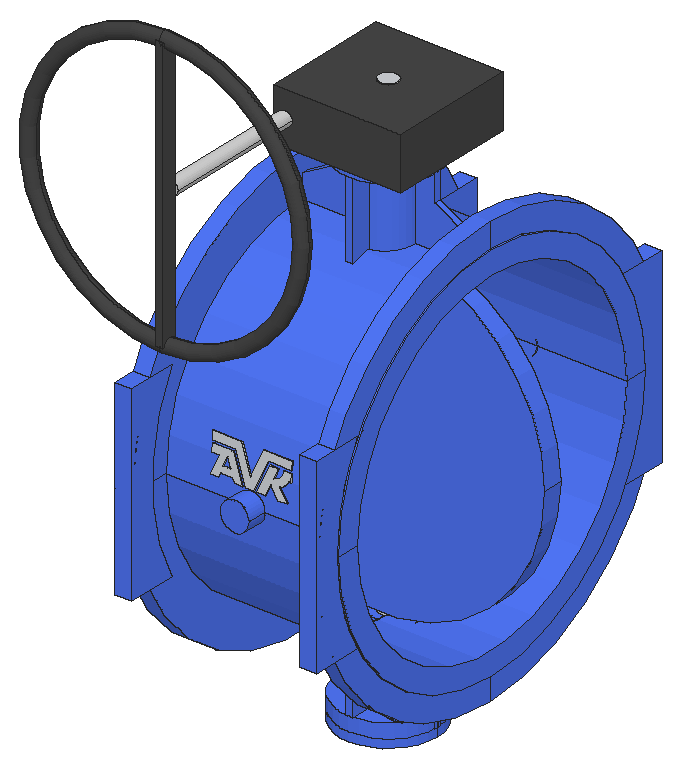
Revit family "756-100-671-DN700-2800", category Pipe Accessories, Revit 2019
Family settings
  Round Connector Dimension = Use Diameter
  Part Type = Valve - Breaks Into
  Work Plane-Based = No
  Always vertical = Yes
  Cut with Voids When Loaded = No
  Shared = No
Parameters (values of type "DN0700_PN10")
  W5 = size_lookup(Search_table, "W5", 0 mm, DN)  # 457 mm
  W4 = size_lookup(Search_table, "W4", 0 mm, DN)  # 543 mm
  W3 = size_lookup(Search_table, "W3", 0 mm, DN)  # 533 mm
  W2 = size_lookup(Search_table, "W2", 0 mm, DN)  # 641 mm
  W1 = size_lookup(Search_table, "W1", 0 mm, DN)  # 448 mm
  URL_product_pages = "https://www.avkvalves.com/P.aspx?no=7560700104"
  Rib_width_2 = Gear_box_Mount_Flange_width * 2  # 204 mm
  Rib_width = L - (Flange_Thickness * 2)  # 350 mm
  Rib_height_2 = H1 - Flange_OD  # 84.5 mm
  Rib_depth = if(DN > 149 mm, 15 mm, if(DN > 299 mm, 15 mm, if(DN > 399 mm, 20 mm, 20 mm)))  # 15 mm
  Rib_height = Flange_OD / 1.1  # 406.818 mm
  Rf_Dia = size_lookup(Search_table, "RF_Dia", 0 mm, DN) / 2  # 397 mm
  RF_Cut_Thickness = 5 mm  # constant formula
  Pin_width = L / 2  # 215 mm
  Pin_dia = HW_rod_Dia * 2  # 60 mm
  Pin_Depth = (DN + size_lookup(Search_table, "Flange_OD", 0 mm, DN)) / 2  # 797.5 mm
  Offset = size_lookup(Search_table, "Offset", 0 mm, DN)  # 3 mm
  L2 = size_lookup(Search_table, "L2", 0 mm, DN)  # 133 mm
  L1 = size_lookup(Search_table, "L1", 0 mm, DN)  # 127 mm
  L = size_lookup(Search_table, "L", 0 mm, DN)  # 430 mm
  ID (Radius) = DN / 2  # 350 mm
  Hand_wheel_rod = size_lookup(Search_table, "Hand_wheel_rod", 0 mm, DN)  # 33 mm
  HW_rod_Dia = size_lookup(Search_table, "HW_rod_Dia", 0 mm, DN)  # 30 mm
  HW_height = W5 - (HW_rod_Dia / 2)  # 442 mm
  HW_Ref = size_lookup(Search_table, "HW_Ref", 0 mm, DN)  # 110 mm
  HW_Connecting_Rib_ref = (H1 + W2) / 2  # 586.5 mm
  HW_Connecting_Rib = D * 2  # 570 mm
  H2 = size_lookup(Search_table, "H2", 0 mm, DN)  # 550 mm
  H1 = size_lookup(Search_table, "H1", 0 mm, DN)  # 532 mm
  Gear_box_width = Gear_box_Mount_Flange_width * 1.3  # 132.6 mm
  Flange_Thickness = size_lookup(Search_table, "Flange_Thickness", 0 mm, DN)  # 40 mm
  Flange_OD = size_lookup(Search_table, "Flange_OD", 0 mm, DN) / 2  # 447.5 mm
  Disc_width = if(DN > 2499 mm, 100 mm, if(DN > 2299 mm, 90 mm, if(DN > 1999 mm, 80 mm, if(DN > 1599 mm, 70 mm, if(DN > 1399 mm, 60 mm, if(DN > 999 mm, 50 mm, if(DN > 699 mm, 40 mm, 40 mm)))))))  # 40 mm
  Disc_Dia = size_lookup(Search_table, "Disc_Dia", 0 mm, DN)  # 690 mm
  DN2800_PN10 = "756-2800-1-04000"
  DN2800 = yes
  DN2600_PN16 = "756-2600-1-14000"
  DN2600_PN10 = "756-2600-1-04000"
  DN2600 = yes
  DN2400_PN16 = "756-2400-1-14"
  DN2400_PN10 = "756-2400-1-04"
  DN2400 = yes
  DN2200_PN16 = "756-2200-1-14"
  DN2200_PN10 = "756-2200-1-04"
  DN2200 = yes
  DN2000_PN16 = "756-2000-1-14"
  DN2000_PN10 = "756-2000-1-04"
  DN2000 = yes
  DN0700_PN16 = "756-0700-1-14"
  DN = 700 mm
  Search_table = "756-100-671-DN700-2800"
  Disk_2 = size_lookup(Search_table, "Disk_2", 0 mm, DN)  # 40 mm
  Disk_1 = size_lookup(Search_table, "Disk_1", 0 mm, DN)  # 40 mm
  Description_ = "AVK DOUBLE ECC. BUTTERFLY VALVE, LONG"
  DN1600_PN16 = "756-1600-1-14"
  DN1600_PN10 = "756-1600-1-04"
  DN1800 = yes
  DN1800_PN16 = "756-1800-1-14"
  DN1800_PN10 = "756-1800-1-04"
  DN1600 = yes
  DN1500_PN16 = "756-1500-1-14"
  DN1500_PN10 = "756-1500-1-04"
  DN1500 = yes
  DN1400_PN16 = "756-1400-1-14"
  DN1400_PN10 = "756-1400-1-04"
  DN1400 = yes
  DN1200_PN16 = "756-1200-1-14"
  DN1200_PN10 = "756-1200-1-04"
  DN1200 = yes
  DN1000_PN16 = "756-1000-1-14"
  DN1000_PN10 = "756-1000-1-04"
  DN1000 = yes
  DN0900_PN16 = "756-0900-1-14"
  DN0900_PN10 = "756-0900-1-04"
  DN900 = yes
  DN0800_PN16 = "756-0800-1-14"
  DN0800_PN10 = "756-0800-1-04"
  DN800 = yes
  DN0700_PN10 = "756-0700-1-04"
  DN700 = yes
  D = size_lookup(Search_table, "D", 0 mm, DN) / 2 - (HW_rod_Dia / 2)  # 285 mm
  C_rod = if(DN > 2499 mm, 99 mm, if(DN > 2299 mm, 89 mm, if(DN > 1999 mm, 79 mm, if(DN > 1599 mm, 69 mm, if(DN > 1399 mm, 59 mm, if(DN > 999 mm, 49 mm, if(DN > 699 mm, 39 mm, 39 mm)))))))  # 39 mm
  Bottom_width = size_lookup(Search_table, "Bottom_width", 0 mm, DN)  # 395 mm
  Bottom_Depth = DN * 1.5  # 1050 mm
  Gear_box_Mount_width = size_lookup(Search_table, "Gear_box_Mount_width", 0 mm, DN) * 2  # 62 mm
  Gear_box_Mount_Flange_width = size_lookup(Search_table, "Gear_box_Mount_Flange_width", 0 mm, DN) / 2  # 102 mm
  Gear_box_Mount_Flange_thickness = size_lookup(Search_table, "Gear_box_Mount_Flange_thickness", 0 mm, DN)  # 30 mm
  Body_wallthickness = 10 mm  # constant formula
Types (28, lengths in mm): name | W5 | W4 | W3 | W2 | W1 | Rib_width_2 | Rib_width | Rib_height_2 | Rib_height | Rf_Dia | Pin_width | Pin_Depth | L2 | L1 | L | ID (Radius) | Hand_wheel_rod | HW_height | HW_Ref | HW_Connecting_Rib_ref | HW_Connecting_Rib | H2 | H1 | Gear_box_width | Flange_Thickness | Flange_OD | Disc_width | Disc_Dia | DN2800_PN10 | DN | Disk_2 | Disk_1 | D | C_rod | Bottom_width | Bottom_Depth | Gear_box_Mount_width | Gear_box_Mount_Flange_width | Gear_box_Mount_Flange_thickness
  (no name) | 457 | 543 | 533 | 641 | 448 | 204 | 350 | 84.5 | 406.818 | 397 | 215 | 797.5 | 133 | 127 | 430 | 350 | 33 | 442 | 110 | 586.5 | 570 | 550 | 532 | 132.6 | 40 | 447.5 | 40 | 690 | "756-2800-1-04000" | 700 | 40 | 40 | 285 | 39 | 395 | 1050 | 62 | 102 | 30
  DN0700_PN10 | 457 | 543 | 533 | 641 | 448 | 204 | 350 | 84.5 | 406.818 | 397 | 215 | 797.5 | 133 | 127 | 430 | 350 | 33 | 442 | 110 | 586.5 | 570 | 550 | 532 | 132.6 | 40 | 447.5 | 40 | 690 | "756-2800-1-04000" | 700 | 40 | 40 | 285 | 39 | 395 | 1050 | 62 | 102 | 30
  DN0700_PN16 | 517 | 543 | 533 | 641 | 455 | 214 | 350 | 77 | 413.636 | 397 | 215 | 805.05 | 133 | 127 | 430 | 350.05 | 34.5 | 502 | 110 | 586.5 | 670 | 550 | 532 | 139.1 | 40 | 455 | 40 | 690 | "756-2800-1-04000" | 700.1 | 40 | 40 | 335 | 39 | 427 | 1050.15 | 66 | 107 | 30
  DN0800_PN10 | 457 | 636 | 627 | 711 | 508 | 223 | 390 | 95.5 | 461.364 | 450 | 235 | 907.5 | 162 | 156 | 470 | 400 | 36 | 442 | 125 | 657 | 570 | 620 | 603 | 144.95 | 40 | 507.5 | 40 | 788.5 | "756-2800-1-04000" | 800 | 40 | 40 | 285 | 39 | 460 | 1200 | 68 | 111.5 | 40
  DN0800_PN16 | 517 | 636 | 627 | 711 | 513 | 232 | 390 | 90.5 | 465.909 | 450 | 235 | 912.55 | 162 | 156 | 470 | 400.05 | 37.5 | 502 | 125 | 657 | 670 | 620 | 603 | 150.8 | 40 | 512.5 | 40 | 788.5 | "756-2800-1-04000" | 800.1 | 40 | 40 | 335 | 39 | 492 | 1200.15 | 72 | 116 | 40
  DN0900_PN10 | 517 | 730 | 722 | 791 | 558 | 241 | 430 | 116.5 | 506.818 | 500 | 255 | 1007.5 | 192 | 186 | 510 | 450 | 39 | 502 | 128 | 732.5 | 670 | 690 | 674 | 156.65 | 40 | 557.5 | 40 | 887.5 | "756-2800-1-04000" | 900 | 40 | 40 | 335 | 39 | 524 | 1350 | 74 | 120.5 | 40
  DN0900_PN16 | 570 | 730 | 722 | 791 | 563 | 250 | 430 | 111.5 | 511.364 | 500 | 255 | 1012.55 | 192 | 186 | 510 | 450.05 | 40.5 | 555 | 128 | 732.5 | 670 | 690 | 674 | 162.5 | 40 | 562.5 | 40 | 887.5 | "756-2800-1-04000" | 900.1 | 40 | 40 | 335 | 39 | 556 | 1350.15 | 76 | 125 | 40
  DN1000_PN10 | 530 | 824 | 816 | 871 | 615 | 259 | 470 | 130 | 559.091 | 556 | 275 | 1115 | 222 | 216 | 550 | 500 | 42 | 515 | 130 | 808 | 670 | 770 | 745 | 168.35 | 40 | 615 | 50 | 988 | "756-2800-1-04000" | 1000 | 40 | 40 | 335 | 49 | 588 | 1500 | 80 | 129.5 | 40
  DN1000_PN16 | 570 | 824 | 816 | 871 | 628 | 268 | 470 | 117.5 | 570.455 | 556 | 275 | 1127.55 | 222 | 216 | 550 | 500.05 | 43.5 | 555 | 130 | 808 | 570 | 770 | 745 | 174.2 | 40 | 627.5 | 50 | 988 | "756-2800-1-04000" | 1000.1 | 50 | 50 | 285 | 49 | 620 | 1500.15 | 82 | 134 | 40
  DN1200_PN10 | 570 | 993 | 986 | 956 | 728 | 277 | 550 | 112.5 | 661.364 | 666 | 315 | 1327.5 | 275 | 269 | 630 | 600 | 45 | 555 | 128 | 898 | 570 | 855 | 840 | 180.05 | 40 | 727.5 | 50 | 1174.5 | "756-2800-1-04000" | 1200 | 50 | 50 | 285 | 49 | 653 | 1800 | 84 | 138.5 | 40
  DN1200_PN16 | 590.5 | 993 | 986 | 956 | 743 | 286 | 530 | 97.5 | 675 | 666 | 315 | 1342.55 | 275 | 269 | 630 | 600.05 | 46.5 | 575.5 | 128 | 898 | 670 | 855 | 840 | 185.9 | 50 | 742.5 | 50 | 1174.5 | "756-2800-1-04000" | 1200.1 | 50 | 50 | 335 | 49 | 685 | 1800.15 | 88 | 143 | 40
  DN1400_PN10 | 570 | 1189 | 1182 | 1071 | 838 | 295 | 610 | 82.5 | 761.364 | 763 | 355 | 1537.5 | 339 | 333 | 710 | 700 | 48 | 555 | 150 | 995.5 | 670 | 970 | 920 | 191.75 | 50 | 837.5 | 60 | 1383 | "756-2800-1-04000" | 1400 | 50 | 50 | 335 | 59 | 717 | 2100 | 90 | 147.5 | 40
  DN1400_PN16 | 590.5 | 1189 | 1182 | 1119 | 843 | 304 | 610 | 77.5 | 765.909 | 763 | 355 | 1542.55 | 339 | 333 | 710 | 700.05 | 49.5 | 575.5 | 150 | 1019.5 | 670 | 970 | 920 | 197.6 | 50 | 842.5 | 60 | 1383 | "756-2800-1-04000" | 1400.1 | 50 | 50 | 335 | 59 | 749 | 2100.15 | 94 | 152 | 40
  DN1500_PN10 | 570 | 1281 | 1274 | 1171 | 893 | 313 | 650 | 107.5 | 811.364 | 818 | 375 | 1642.5 | 369 | 363 | 750 | 750 | 51 | 555 | 175 | 1085.5 | 670 | 1070 | 1000 | 203.45 | 50 | 892.5 | 60 | 1482 | "756-2800-1-04000" | 1500 | 50 | 50 | 335 | 59 | 781 | 2250 | 96 | 156.5 | 40
  DN1500_PN16 | 590.5 | 1281 | 1274 | 1219 | 913 | 323 | 650 | 90 | 827.273 | 818 | 375 | 1660.05 | 369 | 363 | 750 | 750.05 | 52.5 | 575.5 | 175 | 1109.5 | 670 | 1070 | 1000 | 209.95 | 50 | 910 | 60 | 1482 | "756-2800-1-04000" | 1500.1 | 50 | 50 | 335 | 59 | 813 | 2250.15 | 98 | 161.5 | 50
  DN1600_PN16 | 630.5 | 1366 | 1359 | 1294 | 965 | 341 | 670 | 125 | 877.273 | 875 | 395 | 1765.05 | 396 | 390 | 790 | 800.05 | 55.5 | 615.5 | 181 | 1192 | 670 | 1145 | 1090 | 221.65 | 60 | 965 | 70 | 1576 | "756-2800-1-04000" | 1600.1 | 50 | 50 | 335 | 69 | 878 | 2400.15 | 104 | 170.5 | 50
  DN1600_PN10 | 590.5 | 1366 | 1359 | 1294 | 958 | 332 | 690 | 132.5 | 870.455 | 875 | 395 | 1757.5 | 396 | 390 | 790 | 800 | 54 | 575.5 | 181 | 1192 | 670 | 1145 | 1090 | 215.8 | 50 | 957.5 | 70 | 1576 | "756-2800-1-04000" | 1600 | 50 | 50 | 335 | 69 | 846 | 2400 | 102 | 166 | 50
  DN1800_PN16 | 734 | 1547 | 1540 | 1398 | 1065 | 359 | 750 | 115 | 968.182 | 973 | 435 | 1965.05 | 454 | 448 | 870 | 900.05 | 58.5 | 719 | 170 | 1289 | 570 | 1220 | 1180 | 233.35 | 60 | 1065 | 70 | 1772 | "756-2800-1-04000" | 1800.1 | 50 | 50 | 285 | 69 | 942 | 2700.15 | 110 | 179.5 | 50
  DN1800_PN10 | 734 | 1547 | 1540 | 1369 | 1058 | 350 | 750 | 122.5 | 961.364 | 973 | 435 | 1957.5 | 454 | 448 | 870 | 900 | 57 | 719 | 170 | 1274.5 | 570 | 1220 | 1180 | 227.5 | 60 | 1057.5 | 70 | 1772 | "756-2800-1-04000" | 1800 | 50 | 50 | 285 | 69 | 910 | 2700 | 106 | 175 | 50
  DN2000_PN10 | 734 | 1760 | 1753 | 1547 | 1180 | 368 | 830 | 167.5 | 1056.818 | 1114 | 475 | 2162.5 | 527 | 521 | 950 | 1000 | 60 | 719 | 191 | 1438.5 | 570 | 1382 | 1330 | 239.2 | 60 | 1162.5 | 80 | 1998 | "756-2800-1-04000" | 2000 | 50 | 50 | 285 | 79 | 974 | 3000 | 112 | 184 | 50
  DN2000_PN16 | 734 | 1760 | 1753 | 1560 | 1180 | 377 | 830 | 157.5 | 1065.909 | 1114 | 475 | 2172.55 | 527 | 521 | 950 | 1000.05 | 61.5 | 719 | 191 | 1445 | 570 | 1382 | 1330 | 245.05 | 60 | 1172.5 | 80 | 1998 | "756-2800-1-04000" | 2000.1 | 50 | 50 | 285 | 79 | 1006 | 3000.15 | 116 | 188.5 | 50
  DN2200_PN16 | 784 | 1932 | 1926 | 1641 | 1278 | 395 | 910 | 132.5 | 1161.364 | 1180 | 515 | 2377.55 | 582 | 576 | 1030 | 1100.05 | 64.5 | 769 | 170 | 1525.5 | 470 | 1482 | 1410 | 256.75 | 60 | 1277.5 | 80 | 2187 | "756-2800-1-04000" | 2200.1 | 60 | 60 | 235 | 79 | 1000 | 3300.15 | 120 | 197.5 | 50
  DN2200_PN10 | 784 | 1932 | 1926 | 1650 | 1275 | 386 | 910 | 135 | 1159.091 | 1180 | 515 | 2375 | 582 | 576 | 1030 | 1100 | 63 | 769 | 170 | 1530 | 470 | 1472 | 1410 | 250.9 | 60 | 1275 | 80 | 2187 | "756-2800-1-04000" | 2200 | 50 | 50 | 235 | 79 | 1000 | 3300 | 118 | 193 | 50
  DN2600_PN16 | 780 | 2295 | 2289 | 2050 | 1535 | 432 | 1050 | 216 | 1385.455 | 1415 | 595 | 2824.05 | 699 | 693 | 1190 | 1300.05 | 70.5 | 765 | 214 | 1895 | 370 | 1855 | 1740 | 280.8 | 70 | 1524 | 100 | 2582.4 | "756-2800-1-04000" | 2600.1 | 60 | 60 | 185 | 99 | 1199 | 3900.15 | 132 | 216 | 50
  DN2600_PN10 | 780 | 2295 | 2289 | 2010 | 1490 | 422 | 1050 | 260 | 1345.455 | 1415 | 595 | 2780 | 699 | 693 | 1190 | 1300 | 69 | 765 | 214 | 1875 | 370 | 1820 | 1740 | 274.3 | 70 | 1480 | 100 | 2582.4 | "756-2800-1-04000" | 2600 | 60 | 60 | 185 | 99 | 1167 | 3900 | 128 | 211 | 50
  DN2400_PN10 | 810 | 2019 | 2103 | 1759 | 1380 | 404 | 970 | 190 | 1254.545 | 1272.5 | 555 | 2580 | 639 | 633 | 1110 | 1200 | 66 | 795 | 168 | 1664.5 | 570 | 1613 | 1570 | 262.6 | 70 | 1380 | 90 | 2382.4 | "756-2800-1-04000" | 2400 | 60 | 60 | 285 | 89 | 1103 | 3600 | 124 | 202 | 50
  DN2400_PN16 | 810 | 2132 | 2126 | 1753 | 1382 | 413 | 970 | 187.5 | 1256.818 | 1272.5 | 555 | 2582.55 | 682 | 676 | 1110 | 1200.05 | 67.5 | 795 | 168 | 1661.5 | 570 | 1584 | 1570 | 268.45 | 70 | 1382.5 | 90 | 2382.3 | "756-2800-1-04000" | 2400.1 | 60 | 60 | 285 | 89 | 1135 | 3600.15 | 126 | 206.5 | 50
  DN2800_PN10 | 825 | 2442 | 2441 | 2140 | 1600 | 441 | 1130 | 230 | 1445.455 | 1500 | 635 | 2990 | 739 | 738 | 1270 | 1400 | 72 | 810 | 240 | 1980 | 570 | 1921 | 1820 | 286.65 | 70 | 1590 | 100 | 2754.2 | "756-2600-1-04000" | 2800 | 60 | 60 | 285 | 99 | 1232 | 4200 | 134 | 220.5 | 50
Reference planes
  plane 1 "Center (Front/Back)": y = 0
  plane 2: z = 0
  plane 3 "Center (Left/Right)": x = 0
  plane 4: y = 350
  plane 5: y = 360
  plane 6: x = 215
  plane 7: x = 175
  plane 8: x = -175
  plane 9: x = -215
  plane 10: z = 532
  plane 11: x = 102
  plane 12: z = 502
  plane 13: z = -532
  plane 14: x = 102
  plane 15: z = -502
  plane 16: x = 62
  plane 17: x = 102
  plane 18: x = -102
  plane 19: z = 532
  plane 20: z = 447.5
  plane 21: z = 350
  plane 22: x = 175
  plane 23: x = -175
  plane 24: z = 406.818
  plane 25: y = 7.5
  plane 26: y = -7.5
  plane 27: x = 102
  plane 28: x = -102
  plane 29: z = -532
  plane 30: z = -447.5
  plane 31: z = -350
  plane 32: x = 175
  plane 33: x = -175
  plane 34: z = -406.818
  plane 35: y = 102
  plane 36: y = -102
  plane 37: x = -7.5
  plane 38: x = 7.5
  plane 39: y = 132.6
  plane 40: y = -132.6
  plane 41: y = -457
  plane 42: y = -427
  plane 43: z = -550
  plane 44: z = 641
  plane 45: x = 62
  plane 46: y = 350
  plane 47: y = -350
  plane 48: y = 398.75
  plane 49: y = -398.75
  plane 50: x = -110
  plane 51: z = 586.5
  plane 52: x = -196.6
  plane 53: x = -403
  plane 54: y = 132.6
  plane 55: y = -132.6
  plane 56: x = -110
  plane 57: z = 197.5
  plane 58: z = -197.5
  plane 59: y = 448
  plane 60: z = -197.5
  plane 61: z = 197.5
  plane 62: y = -448
  plane 63: y = 20
  plane 64: y = -20
  plane 65: z = 1220.394
Forms (mm)
  Revolve 1, solid, material "Plastic"
    sketch origin (0, 0, 0) x (1, 0, 0) y (0, 1, 0)
      loop
        line (-175, 360) -> (-175, 447.5) -> (-215, 447.5) -> (-215, 350) -> (215, 350) -> (215, 447.5) -> (175, 447.5) -> (175, 360) -> (-175, 360)
      axis (-215, 0) -> (215, 0)
    angle from 0 to 360
  Revolve 2, solid, material "Plastic"
    sketch origin (0, 0, 0) x (1, 0, 0) y (0, 0, 1)
      loop
        line (62, 502) -> (102, 502) -> (102, 532) -> (0, 532) -> (0, 350) -> (62, 350) -> (62, 502)
      axis (0, 532) -> (0, 350)
    angle from 0 to 360
  Revolve 3, solid, material "Plastic"
    sketch origin (0, 0, 0) x (1, 0, 0) y (0, 0, -1)
      loop
        line (62, 350) -> (62, 502) -> (102, 502) -> (102, 532) -> (0, 532) -> (0, 350) -> (62, 350)
      axis (0, 532) -> (0, 350)
    angle from 0 to 360
  Revolve 4, solid, material "Plastic"
    sketch origin (0, 0, 0) x (1, 0, 0) y (0, 0, 1)
      loop
        line (0, -532) -> (0, -550) -> (102, -550) -> (102, -532) -> (0, -532)
      axis (0, -550) -> (0, -532)
    angle from 0 to 360
  Extrusion 5, solid, material "Plastic"
    sketch origin (0, 0, 0) x (1, 0, 0) y (0, 0, 1)
      loop
        line (102, 532) -> (-102, 532) -> (-102, 447.5) -> (-175, 406.818) -> (-175, 350) -> (175, 350) -> (175, 406.818) -> (102, 447.5) -> (102, 532)
    from -7.5 to 7.5
  Extrusion 6, solid, material "Plastic"
    sketch origin (0, 0, 0) x (1, 0, 0) y (0, 0, 1)
      loop
        line (102, -532) -> (102, -447.5) -> (175, -406.818) -> (175, -350) -> (-175, -350) -> (-175, -406.818) -> (-102, -447.5) -> (-102, -532) -> (102, -532)
    from -7.5 to 7.5
  Extrusion 7, solid, material "Plastic"
    sketch origin (0, 0, 0) x (0, 1, 0) y (0, 0, 1)
      loop
        line (102, 502) -> (-102, 502) -> (-102, -502) -> (102, -502) -> (102, 502)
    from -7.5 to 7.5
  Extrusion 8, void
    sketch origin (0, 0, 0) x (0, 1, 0) y (0, 0, 1)
      loop
        circle (0, 0) r 350
    from -215 to 215
  Extrusion 9, solid, material "Plastic"
    sketch origin (0, 0, 0) x (1, 0, 0) y (0, 0, 1)
      loop
        circle (0, 0) r 30
    from -398.75 to -350
  Extrusion 10, solid, material "Plastic"
    sketch origin (0, 0, 0) x (1, 0, 0) y (0, 0, 1)
      loop
        circle (0, 0) r 30
    from 398.75 to 350
  Revolve 11, void
    sketch origin (0, 0, 0) x (1, 0, 0) y (0, 0, 1)
      loop
        line (215, 550) -> (210, 550) -> (210, 397) -> (215, 397) -> (215, 550)
      loop
        line (-215, 550) -> (-215, 397) -> (-210, 397) -> (-210, 550) -> (-215, 550)
      axis (-215, 0) -> (215, 0)
    angle from 0 to 360
  Extrusion 12, solid, material "Stainless Steel AISI 304"
    sketch origin (0, 0, 0) x (1, 0, 0) y (0, 0, 1)
      loop
        line (-132.6, 641) -> (-132.6, 532) -> (132.6, 532) -> (132.6, 641) -> (-132.6, 641)
    from -132.6 to 132.6
  Extrusion 13, solid, material "Stainless Steel AISI 304(1)"
    sketch origin (0, 0, 0) x (1, 0, 0) y (0, 0, 1)
      loop
        circle (-110, 586.5) r 15
    from 0 to 427
  Revolve 14, solid, material "Stainless Steel AISI 304"
    sketch origin (-110, -1524, 1534) x (0, 0, 1) y (0, -1, 0)
      loop
        circle (-662.5, -1082) r 15
      axis (-947.5, -1082) -> (-947.5, -1081)
    angle from 0 to 360
  Extrusion 15, solid, material "Stainless Steel AISI 304"
    sketch origin (0, 0, 0) x (1, 0, 0) y (0, 0, 1)
      loop
        line (-117.5, 871.5) -> (-117.5, 301.5) -> (-102.5, 301.5) -> (-102.5, 871.5) -> (-117.5, 871.5)
    from 427 to 457
  Extrusion 16, solid, material "Plastic"
    sketch origin (-110, -1524, 1534) x (0, 0, 1) y (0, -1, 0)
      loop
        line (-1336.5, -1179.613) -> (-1336.5, -1076) -> (-1731.5, -1076) -> (-1731.5, -1179.613)
        arc (-1731.5, -1179.613) -> (-1534, -1127) -> (-1336.5, -1179.613) r 397
      loop
        arc (-1336.5, -1868.387) -> (-1534, -1921) -> (-1731.5, -1868.387) r 397
        line (-1731.5, -1868.387) -> (-1731.5, -1972) -> (-1336.5, -1972) -> (-1336.5, -1868.387)
    from 285 to 320
  Extrusion 17, solid, material "Plastic"
    sketch origin (-110, -1524, 1534) x (0, 0, 1) y (0, -1, 0)
      loop
        line (-1731.5, -1972) -> (-1336.5, -1972) -> (-1336.5, -1868.387)
        arc (-1336.5, -1868.387) -> (-1534, -1921) -> (-1731.5, -1868.387) r 397
        line (-1731.5, -1868.387) -> (-1731.5, -1972)
      loop
        line (-1336.5, -1179.613) -> (-1336.5, -1076) -> (-1731.5, -1076) -> (-1731.5, -1179.613)
        arc (-1731.5, -1179.613) -> (-1534, -1127) -> (-1336.5, -1179.613) r 397
    from -100 to -65
  Extrusion 18, solid, material "Plastic"
    sketch origin (0, 0, 0) x (1, 0, 0) y (0, 0, 1)
      loop
        circle (-3, 0) r 345
    from -20 to 20
  Extrusion 19, solid
    sketch origin (0, 0, 0) x (1, 0, 0) y (0, 1, 0)
      loop
        circle (0, 0) r 19.5
    from -550 to 641
Cuts and joins
  Extrusion 8, Revolve 11 cuts Revolve 1
  Extrusion 8 cuts Extrusion 7
Dimensions and locks
  equal spacing: plane 9, plane 3 "Center (Left/Right)", plane 6
  "L": plane 9 to plane 6
  "ID (Radius)": plane 4 to plane 1 "Center (Front/Back)"
  "Body_wallthickness": plane 5 to plane 4
  "Flange_Thickness": plane 7 to plane 6
  "Flange_Thickness": plane 9 to plane 8
  "Flange_OD": plane 1 "Center (Front/Back)" to Revolve 1 sketch curve
  "H1": plane 10 to level
  "Gear_box_Mount_Flange_thickness": plane 10 to plane 12
  "ID (Radius)": Revolve 2 sketch curve to level
  "Gear_box_Mount_Flange_width": plane 3 "Center (Left/Right)" to plane 11
  "Gear_box_Mount_Flange_thickness": plane 13 to plane 15
  "H1": level to plane 13
  "ID (Radius)": level to Revolve 3 sketch curve
  "Gear_box_Mount_Flange_width": Revolve 4 sketch curve to Revolve 4 sketch curve
  "ID (Radius)": plane 21 to level
  "H1": plane 19 to level
  "Gear_box_Mount_Flange_width": plane 3 "Center (Left/Right)" to plane 17
  "Gear_box_Mount_Flange_width": plane 18 to plane 3 "Center (Left/Right)"
  "Rib_height": plane 24 to level
  equal spacing: plane 25, plane 1 "Center (Front/Back)", plane 26
  "Rib_depth": plane 25 to plane 26
  equal spacing: plane 22, plane 3 "Center (Left/Right)", plane 23
  "Rib_width": plane 22 to plane 23
  "Rib_height_2": plane 19 to plane 20
  "Rib_height_2": plane 29 to plane 30
  "Rib_height": level to plane 34
  "Gear_box_Mount_Flange_width": plane 28 to plane 3 "Center (Left/Right)"
  "Gear_box_Mount_Flange_width": plane 3 "Center (Left/Right)" to plane 27
  "ID (Radius)": level to plane 31
  "H1": level to plane 29
  equal spacing: plane 32, plane 3 "Center (Left/Right)", plane 33
  "Rib_width": plane 32 to plane 33
  equal spacing: plane 35, plane 1 "Center (Front/Back)", plane 36
  equal spacing: plane 37, plane 3 "Center (Left/Right)", plane 38
  "Rib_depth": plane 37 to plane 38
  equal spacing: plane 39, plane 1 "Center (Front/Back)", plane 40
  "Rib_width_2": plane 35 to plane 36
  "Gear_box_width": plane 1 "Center (Front/Back)" to plane 40
  "W5": plane 1 "Center (Front/Back)" to plane 41
  "H2": level to Revolve 4 sketch curve
  "HW_rod_Dia": plane 42 to plane 41
  "W2": plane 44 to level
  "Gear_box_Mount_width": plane 45 to plane 3 "Center (Left/Right)"
  "Gear_box_Mount_width": plane 3 "Center (Left/Right)" to plane 16
  "Gear_box_Mount_Flange_width": plane 3 "Center (Left/Right)" to plane 14
  "H2": Extrusion 9 sketch curve to Revolve 4
  equal spacing: plane 46, plane 1 "Center (Front/Back)", plane 47
  "DN": plane 46 to plane 47
  equal spacing: plane 48, plane 1 "Center (Front/Back)", plane 49
  "Pin_Depth": plane 48 to plane 49
  "Rf_Dia": Revolve 11 sketch curve to level
  "RF_Cut_Thickness": Revolve 11 sketch curve to Revolve 11 sketch curve  (x2)
  "H2": Revolve 11 sketch curve to level
  "HW_Ref": plane 3 "Center (Left/Right)" to plane 50
  "HW_Connecting_Rib_ref": plane 51 to level
  plane 3 "Center (Left/Right)" to plane 53 = 403 mm
  cut or joined group of Revolve 1, Extrusion 8, Revolve 11 to cut or joined group of Revolve 1, Extrusion 8, Revolve 11 = 430 mm
  equal spacing: Extrusion 12 sketch curve, plane 3 "Center (Left/Right)", Extrusion 12 sketch curve
  "Gear_box_width": Extrusion 12 sketch curve to plane 3 "Center (Left/Right)"
  equal spacing: plane 54, plane 1 "Center (Front/Back)", plane 55
  "Gear_box_width": plane 1 "Center (Front/Back)" to plane 55
  "HW_Ref": plane 3 "Center (Left/Right)" to plane 56
  "HW_Ref": plane 3 "Center (Left/Right)" to Extrusion 13 sketch curve
  "HW_height": plane 1 "Center (Front/Back)" to Revolve 14 sketch curve
  plane 51 to Extrusion 12 = 54.5 mm
  "D": Revolve 14 sketch curve to Revolve 14 sketch curve
  equal spacing: Extrusion 15 sketch curve, plane 50, Extrusion 15 sketch curve
  "Rib_depth": Extrusion 15 sketch curve to Extrusion 15 sketch curve
  "HW_Connecting_Rib_ref": Extrusion 13 sketch curve to level
  equal spacing: Extrusion 15 sketch curve, plane 51, Extrusion 15 sketch curve
  "HW_Connecting_Rib": Extrusion 15 sketch curve to Extrusion 15 sketch curve
  "HW_Connecting_Rib_ref": Revolve 14 sketch curve to level
  equal spacing: plane 61, level, plane 60
  equal spacing: plane 57, level, plane 58
  "Bottom_width": plane 61 to plane 60
  "Bottom_width": plane 57 to plane 58
  "W1": plane 1 "Center (Front/Back)" to plane 62
  "W1": plane 59 to plane 1 "Center (Front/Back)"
  "Offset": plane 3 "Center (Left/Right)" to Extrusion 18 sketch curve
  equal spacing: plane 63, plane 1 "Center (Front/Back)", plane 64
  "Disc_width": plane 63 to plane 64
  equal spacing: plane 47, Extrusion 19 sketch curve, plane 46
  equal spacing: cut or joined group of Revolve 1, Extrusion 8, Revolve 11, Extrusion 19 sketch curve, cut or joined group of Revolve 1, Extrusion 8, Revolve 11
  Extrusion 18 to cut or joined group of Revolve 1, Extrusion 8, Revolve 11 = 133 mm
  cut or joined group of Revolve 1, Extrusion 8, Revolve 11 to Extrusion 18 = 127 mm
  "W1": plane 1 "Center (Front/Back)" to Extrusion 17
  "H2": level to plane 43
  "Pin_dia": diameter of Extrusion 9 sketch curve
  "HW_rod_Dia": diameter of Revolve 14 sketch curve
  "HW_rod_Dia": diameter of Extrusion 13 sketch curve
  "Disc_Dia": diameter of Extrusion 18 sketch curve
  "C_rod": diameter of Extrusion 19 sketch curve
  aligned and locked: level to plane 2
  aligned and locked: Revolve 1 sketch curve to plane 4
  aligned and locked: plane 5 to Revolve 1 sketch curve
  aligned and locked: Revolve 1 sketch curve to plane 6
  aligned and locked: Revolve 1 sketch curve to plane 7
  aligned and locked: Revolve 1 sketch curve to plane 8
  aligned and locked: Revolve 1 sketch curve to plane 9
  aligned and locked: Revolve 1 sketch curve to Revolve 1 sketch curve
  aligned and locked: plane 1 "Center (Front/Back)" to Revolve 1 sketch curve
  aligned and locked: Revolve 2 sketch curve to Revolve 2 sketch curve
  aligned and locked: plane 10 to Revolve 2 sketch curve
  aligned and locked: Revolve 2 sketch curve to plane 11  (x2)
  aligned and locked: plane 12 to Revolve 2 sketch curve
  aligned and locked: Revolve 2 sketch curve to plane 3 "Center (Left/Right)"
  aligned and locked: Revolve 3 sketch curve to plane 14
  aligned and locked: plane 13 to Revolve 3 sketch curve
  aligned and locked: Revolve 4 sketch curve to Revolve 3
  aligned and locked: Revolve 4 sketch curve to plane 3 "Center (Left/Right)"  (x2)
  aligned and locked: Extrusion 5 sketch curve to plane 17  (x2)
  aligned and locked: Extrusion 5 sketch curve to plane 19
  aligned and locked: Extrusion 5 sketch curve to plane 18  (x2)
  aligned and locked: plane 19 to Extrusion 5 sketch curve
  aligned and locked: Extrusion 5 sketch curve to plane 20
  aligned and locked: plane 20 to Extrusion 5 sketch curve
  aligned and locked: Extrusion 5 sketch curve to plane 24
  aligned and locked: plane 22 to Extrusion 5 sketch curve  (x2)
  aligned and locked: plane 24 to Extrusion 5 sketch curve
  aligned and locked: plane 23 to Extrusion 5 sketch curve  (x2)
  aligned and locked: plane 21 to Extrusion 5 sketch curve
  aligned and locked: Extrusion 5 to plane 25
  aligned and locked: Extrusion 5 to plane 26
  aligned and locked: Extrusion 6 sketch curve to plane 27  (x2)
  aligned and locked: plane 32 to Extrusion 6 sketch curve  (x2)
  aligned and locked: plane 33 to Extrusion 6 sketch curve  (x2)
  aligned and locked: plane 31 to Extrusion 6 sketch curve  (x2)
  aligned and locked: Extrusion 6 sketch curve to plane 34
  aligned and locked: plane 28 to Extrusion 6 sketch curve  (x2)
  aligned and locked: Extrusion 6 sketch curve to plane 30
  aligned and locked: plane 30 to Extrusion 6 sketch curve
  aligned and locked: Extrusion 6 sketch curve to plane 29
  aligned and locked: plane 29 to Extrusion 6 sketch curve
  aligned and locked: plane 34 to Extrusion 6 sketch curve
  aligned and locked: plane 35 to Extrusion 7 sketch curve
  aligned and locked: Extrusion 7 sketch curve to plane 36
  aligned and locked: Extrusion 7 sketch curve to Revolve 2
  aligned and locked: Extrusion 7 to plane 38
  aligned and locked: Extrusion 7 to plane 37
  aligned and locked: Extrusion 8 sketch curve to Revolve 1  (x2)
  aligned and locked: Revolve 2 sketch curve to plane 45  (x2)
  aligned and locked: plane 16 to Revolve 3 sketch curve
  aligned and locked: plane 15 to Revolve 3 sketch curve  (x2)
  aligned and locked: Revolve 3 sketch curve to plane 3 "Center (Left/Right)"  (x2)
  aligned and locked: Revolve 3 sketch curve to Revolve 3 sketch curve
  aligned and locked: plane 14 to Revolve 3 sketch curve
  aligned and locked: Extrusion 9 to plane 46
  aligned and locked: Extrusion 10 sketch curve to Extrusion 9  (x2)
  aligned and locked: plane 47 to Extrusion 10
  aligned and locked: Extrusion 9 to plane 48
  aligned and locked: plane 49 to Extrusion 10
  aligned and locked: Revolve 11 sketch curve to cut or joined group of Revolve 1, Extrusion 8, Revolve 11  (x2)
  aligned and locked: Revolve 11 sketch curve to Revolve 11 sketch curve  (x2)
  aligned and locked: Revolve 11 sketch curve to plane 2
  aligned and locked: Extrusion 8 to Revolve 1  (x2)
  aligned and locked: Extrusion 7 sketch curve to Revolve 3
  aligned and locked: Extrusion 12 sketch curve to plane 44
  aligned and locked: Extrusion 12 sketch curve to Revolve 2
  aligned and locked: plane 54 to Extrusion 12
  aligned and locked: plane 55 to Extrusion 12
  aligned and locked: Extrusion 13 to plane 1 "Center (Front/Back)"
  aligned and locked: plane 41 to Extrusion 15
  aligned and locked: Extrusion 15 to plane 42
  aligned and locked: plane 58 to Extrusion 16 sketch curve  (x2)
  aligned and locked: plane 57 to Extrusion 16 sketch curve
  aligned and locked: plane 59 to Extrusion 16 sketch curve  (x2)
  aligned and locked: plane 61 to Extrusion 16 sketch curve
  aligned and locked: Extrusion 16 sketch curve to plane 61
  aligned and locked: plane 60 to Extrusion 16 sketch curve  (x2)
  aligned and locked: Extrusion 16 sketch curve to cut or joined group of Revolve 1, Extrusion 8, Revolve 11  (x2)
  aligned and locked: plane 62 to Extrusion 16 sketch curve  (x2)
  aligned and locked: Extrusion 16 to cut or joined group of Revolve 1, Extrusion 8, Revolve 11
  aligned and locked: Extrusion 5 to Extrusion 16
  aligned and locked: Extrusion 17 sketch curve to Extrusion 16  (x8)
  aligned and locked: cut or joined group of Revolve 1, Extrusion 8, Revolve 11 to Extrusion 17
  aligned and locked: Extrusion 17 to cut or joined group of Revolve 1, Extrusion 8, Revolve 11
  aligned and locked: Extrusion 18 to plane 63
  aligned and locked: Extrusion 18 to plane 64
  aligned and locked: plane 3 "Center (Left/Right)" to nested 1
  aligned and locked: plane 44 to Extrusion 19
  aligned and locked: Extrusion 19 to Revolve 4
  aligned and locked: Extrusion 13 to Extrusion 15
Automatic sketch dimensions
  Revolve 1 sketch curve to plane 50 = 25 mm
  Revolve 1 sketch curve to plane 38 = 19.183 mm
  Revolve 2 sketch curve to Revolve 2 sketch curve = 35.25 mm
  Revolve 3 sketch curve to Revolve 3 sketch curve = 35.25 mm
  Revolve 4 sketch curve to Revolve 4 sketch curve = 60 mm
  Revolve 4 sketch curve to Revolve 4 sketch curve = 15 mm
  Extrusion 9 sketch curve to plane 3 "Center (Left/Right)" = 0 mm
  plane 41 to Revolve 14 sketch curve = 36.223 mm
  Revolve 14 sketch curve to Revolve 14 sketch curve = 60 mm
  Extrusion 18 sketch curve to level = 0 mm
  Revolve 2 sketch curve to Revolve 2 sketch curve = 32.25 mm
  Revolve 3 sketch curve to Revolve 3 sketch curve = 32.25 mm
  Revolve 11 sketch curve to plane 52 = 0.4 mm
  Revolve 11 sketch curve to plane 38 = 42.5 mm
Nested families
  nested 1: "LOGO 600" at (0, -358.49, 32.939) x (1, 0, 0) z (0, -0.9958, 0.0915), type "LOGO 600"
Connectors
  piping at (215, 0, 0), diameter 700, driven by "DN"
    settings: on Revolve 1, index 1, connector inside diameter 609.6 mm, connector length 0 mm, flow factor 0, pipe flow 0.0 L/s, pressure drop 0.0 Pa, fitting loss kfactor 0, connector angle 0.00°, fixture units 0, engagement length 0 mm, angle of deflection 0.00°, flow configuration 0, flow direction 0, fitting loss method 0, system type 7, joint type 0, gender type 0, connector reference index -1, connector utility 0, adjustable connector no, is connector primary yes, connector description ""
  piping at (-215, 0, 0), diameter 700, driven by "DN"
    settings: on Revolve 1, index 2, connector inside diameter 609.6 mm, connector length 0 mm, flow factor 0, pipe flow 0.0 L/s, pressure drop 0.0 Pa, fitting loss kfactor 0, connector angle 0.00°, fixture units 0, engagement length 0 mm, angle of deflection 0.00°, flow configuration 0, flow direction 0, fitting loss method 0, system type 7, joint type 0, gender type 0, connector reference index -1, connector utility 0, adjustable connector no, is connector primary no, connector description ""
Definition of nested family "LOGO 600"
  Parameters (values of type "LOGO 600")
    Default Elevation = 1219.2 mm
    DN600 = yes
  Reference planes
    plane 1 "Center (Front/Back)": y = 0
    plane 2: z = 0
    plane 3 "Center (Left/Right)": x = 0
  Forms (mm)
    Extrusion 1, solid
      sketch origin (0, 0, 0) x (1, 0, 0) y (0, 1, 0)
        loop
          line (-1219.2, 1219.2) -> (-1219.2, -1219.2) -> (1219.2, -1219.2) -> (1219.2, 1219.2) -> (-1219.2, 1219.2)
      from 0 to -304.8
    Extrusion 2, solid, visible <- "DN600"
      sketch origin (0, 0, 0) x (1, 0, 0) y (0, 1, 0)
        loop
          line (-22.357, 78.446) -> (-82.368, 78.446) -> (-82.368, 62.168) -> (-33.516, 62.168) -> (-8.205, 0) -> (8.205, 0) -> (33.516, 62.168) -> (82.368, 62.168) -> (82.368, 78.446) -> (22.357, 78.446) -> (0, 23.534) -> (-22.357, 78.446)
        loop
          line (-37.737, 55.893) -> (-82.368, 55.893) -> (-82.368, 40.203) -> (-66.935, 40.203) -> (-82.368, 0) -> (-64.932, 0) -> (-61.62, 8.629) -> (-36.069, 8.629) -> (-32.556, 0) -> (-14.981, 0) -> (-37.737, 55.893)
        loop
          line (-57.579, 23.534) -> (-42.137, 23.534) -> (-50.086, 43.055) -> (-57.579, 23.534)
        loop
          line (55.312, 55.893) -> (37.737, 55.893) -> (14.981, 0) -> (32.556, 0) -> (41.503, 21.977) -> (58.064, 0) -> (78.446, 0) -> (59.714, 24.857)
          arc (59.714, 24.857) -> (70.64, 30.248) -> (77.661, 40.203) r 24.71
          line (77.661, 40.203) -> (82.368, 40.203) -> (82.368, 55.893) -> (66.679, 55.893)
          arc (66.679, 55.893) -> (60.961, 41.731) -> (47.013, 35.51) r 20.396
          line (47.013, 35.51) -> (55.312, 55.893)
      from 0 to 1
  Dimensions and locks
    aligned and locked: plane 2 to Extrusion 1
    aligned and locked: level to Extrusion 1
